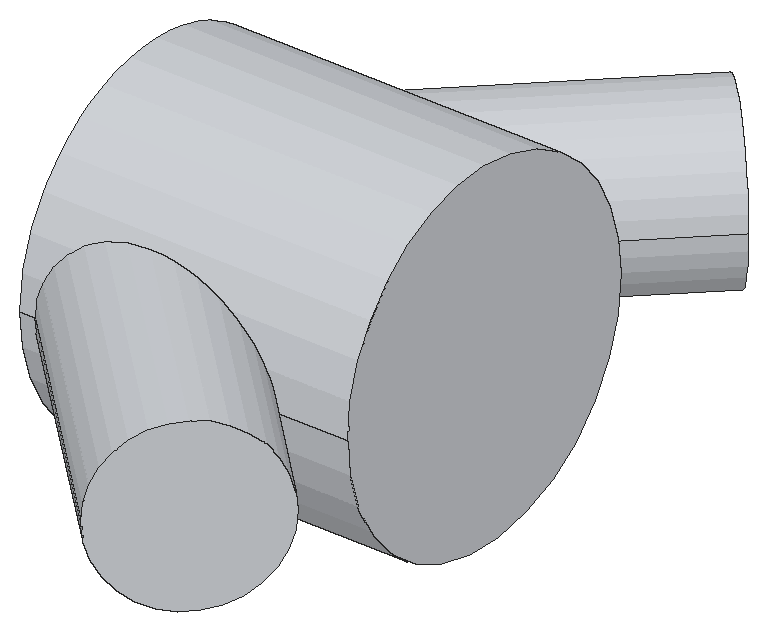
Revit family "M_Duplo Y redondo", category Conexões de duto, Revit 2019
Family settings
  Cota do conector redondo = Usar raio
  Tipo de parte = Ipsílon
  Número OmniClass = 23.75.70.14
  Título OmniClass = Air Ductwork
  ID de item do Seek = Round Double Wye-0000-CAN-ENU
  Com base no plano de trabalho = Não
  Sempre na vertical = Sim
  Corte com vazios quando carregada = Não
  Compartilhado = Não
Parameters (values of type "Padrão")
  Comprimento total do duto [instance] = if(Ângulo 3 < 90.00°, Comprimento do duto 1 * 2, if(Anteparo do duto 3 > Anteparo do duto 4, Comprimento do duto 1 + 25 mm + Anteparo do duto 3, Comprimento do duto 1 + 25 mm + Anteparo do duto 4))  # 1274.264 mm
  Anteparo do duto 4 [instance] = if(Ângulo 3 < 90.00°, Raio do duto 4 / sin(Ângulo 4) - Raio do duto 1 * (1 / tan(Ângulo 4)), Raio do duto 4 / sin(Ângulo 4) - Raio do duto 1 * (1 / tan(180.00° - Ângulo 4)))  # -87.868 mm
  Anteparo do duto 3 [instance] = if(Ângulo 3 < 90.00°, Raio do duto 3 / sin(Ângulo 3) - Raio do duto 1 * (1 / tan(Ângulo 3)), Raio do duto 3 / sin(Ângulo 3) - Raio do duto 1 * (1 / tan(180.00° - Ângulo 3)))  # -87.868 mm
  Anteparo do duto 2 [instance] = if(Ângulo 4 < 90.00°, Raio do duto 1 * (1 / tan(Ângulo 4)) + Raio do duto 4 / sin(Ângulo 4), Raio do duto 1 * (1 / tan(180.00° - Ângulo 4)) + Raio do duto 4 / sin(Ângulo 4))  # 512.132 mm
  Anteparo do duto 1 [instance] = if(Ângulo 3 < 90.00°, Raio do duto 1 * (1 / tan(Ângulo 3)) + Raio do duto 3 / sin(Ângulo 3), Raio do duto 1 * (1 / tan(180.00° - Ângulo 3)) + Raio do duto 3 / sin(Ângulo 3))  # 512.132 mm
  Raio do duto 4 [instance] = 150 mm
  Raio do duto 3 [instance] = 150 mm
  Raio do duto 1 [instance] = 300 mm
  Comprimento do duto 4 [instance] = Raio do duto 1 / sin(Ângulo 4) * 2  # 848.528 mm
  Comprimento do duto 3 [instance] = Raio do duto 1 / sin(Ângulo 3) * 2  # 848.528 mm
  Comprimento do duto 2 [instance] = if(Anteparo do duto 3 > Anteparo do duto 4, Comprimento do duto 1 + 25 mm + Anteparo do duto 3, Comprimento do duto 1 + 25 mm + Anteparo do duto 4)  # 574.264 mm
  Comprimento do duto 1 [instance] = if(Anteparo do duto 1 > Anteparo do duto 2, Anteparo do duto 1 + 125 mm, Anteparo do duto 2 + 125 mm)  # 637.132 mm
  Ângulo 4 [instance] = 45.00°
  Ângulo 3 [instance] = 45.00°
Reference planes
  plane 1 "Centro (Frente/Trás)": y = 0
  plane 2: z = 0
  plane 3 "Centro (Esquerda/Direita)": x = 0
  plane 4: x = 62.868
  plane 5: x = 637.132
  plane 6: x = -637.132
  plane 7: x = 1329.078
Forms (mm)
  Sweep 1, solid, detail levels medium+fine
    path in 3D
      loop
        line (0, 0, 0) -> (600, 600, 0)
    profile origin (300, 300, 0) x (-0.707107, 0.707107, 0) y (0, 0, 1)
      loop
        circle (0, 0) r 150
  Sweep 2, solid, detail levels medium+fine
    path in 3D
      loop
        line (0, 0, 0) -> (600, -600, 0)
    profile origin (300, -300, 0) x (0.707107, 0.707107, 0) y (0, 0, 1)
      loop
        circle (0, 0) r 150
  Sweep 3, void
    path in 3D
      loop
        line (-637.132, 0, 0) -> (1329.078, 0, 0)
    profile origin (345.973, 0, 0) x (0, 1, 0) y (0, 0, 1)
      loop
        circle (0, 0) r 300
  Sweep 4, solid, detail levels medium+fine
    path in 3D
      loop
        line (62.868, 0, 0) -> (637.132, 0, 0)
    profile origin (350, 0, 0) x (0, 1, 0) y (0, 0, 1)
      loop
        circle (0, 0) r 300
Cuts and joins
  Sweep 3 cuts Sweep 1
  Sweep 3 cuts Sweep 2
  joined: Sweep 1, Sweep 2, Sweep 4
Lines and regions (mm)
  model lines, detail levels coarse
    curve 1: line (0, 0, 0) -> (600, 600, 0)
    curve 2: line (0, 0, 0) -> (600, -600, 0)
    curve 3: line (62.868, 0, 0) -> (637.132, 0, 0)
  reference lines
    curve 4: line (-637.132, 0, 0) -> (1329.078, 0, 0)
  sketch lines
    curve 5: line (0, 0, 0) -> (600, 600, 0)
    curve 6: line (0, 0, 0) -> (600, -600, 0)
    curve 7: line (-637.132, 0, 0) -> (1329.078, 0, 0)
    curve 8: line (62.868, 0, 0) -> (637.132, 0, 0)
Dimensions and locks
  "Comprimento do duto 3": curve 1 to curve 1
  "Comprimento do duto 4": curve 2 to curve 2
  "Comprimento do duto 2": plane 4 to plane 5
  "Comprimento do duto 1": plane 6 to plane 3 "Centro (Esquerda/Direita)"
  "Comprimento total do duto": plane 6 to plane 5
  plane 3 "Centro (Esquerda/Direita)" to plane 7 = 1329.078 mm
  "Raio do duto 3": radius of Sweep 1 sketch curve
  "Raio do duto 4": radius of Sweep 2 sketch curve
  "Raio do duto 1": radius of Sweep 3 sketch curve
  "Raio do duto 1": radius of Sweep 4 sketch curve
  "Ângulo 3": angle curve 3 to curve 1
  "Ângulo 4": angle curve 2 to curve 3
  aligned and locked: plane 4 to curve 3
  aligned and locked: plane 5 to curve 3
  aligned and locked: plane 1 "Centro (Frente/Trás)" to curve 3
  aligned and locked: plane 7 to curve 4
  aligned and locked: plane 6 to curve 4
  aligned and locked: plane 1 "Centro (Frente/Trás)" to curve 4
Automatic sketch dimensions
  curve 2 to plane 1 "Centro (Frente/Trás)" = 0 mm
  curve 2 to plane 3 "Centro (Esquerda/Direita)" = 0 mm
  Sweep 1 sketch curve to profile plane = 0 mm  (x2)
  Sweep 2 sketch curve to profile plane = 0 mm  (x2)
  Sweep 3 sketch curve to profile plane = 0 mm  (x2)
  Sweep 4 sketch curve to profile plane = 0 mm  (x2)
Connectors
  hvac at (62.868, 0, 0), driven by "Raio do duto 1"
    settings: on cut or joined group of Sweep 1, Sweep 2, Sweep 3, Sweep 4, index 1, duct flow 0.0 L/s, flow factor 0, pres drop 0.0 Pa, loss coef 0, conn angle 0.00°, conn width 304.8 mm, conn height 304.8 mm, conn diameter 600 mm, duct sys type 28, conn prof type 0, flow config 0, flow direction 0, loss method 0, conn ref index 2, conn util no, is conn primary yes, conn desc ""
  hvac at (637.132, 0, 0), driven by "Raio do duto 1"
    settings: on cut or joined group of Sweep 1, Sweep 2, Sweep 3, Sweep 4, index 2, duct flow 0.0 L/s, flow factor 0, pres drop 0.0 Pa, loss coef 0, conn angle 0.00°, conn width 304.8 mm, conn height 304.8 mm, conn diameter 600 mm, duct sys type 28, conn prof type 0, flow config 0, flow direction 0, loss method 0, conn ref index 1, conn util no, is conn primary no, conn desc ""
  hvac at (600, 600, 0), driven by "Raio do duto 3", driven by "Ângulo 3"
    settings: on cut or joined group of Sweep 1, Sweep 2, Sweep 3, Sweep 4, index 3, duct flow 0.0 L/s, flow factor 0, pres drop 0.0 Pa, loss coef 0, conn angle 45.00°, conn width 304.8 mm, conn height 304.8 mm, conn diameter 300 mm, duct sys type 28, conn prof type 0, flow config 0, flow direction 0, loss method 0, conn ref index -1, conn util no, is conn primary no, conn desc ""
  hvac at (600, -600, 0), driven by "Ângulo 4", driven by "Raio do duto 4"
    settings: on cut or joined group of Sweep 1, Sweep 2, Sweep 3, Sweep 4, index 4, duct flow 0.0 L/s, flow factor 0, pres drop 0.0 Pa, loss coef 0, conn angle 45.00°, conn width 304.8 mm, conn height 304.8 mm, conn diameter 300 mm, duct sys type 28, conn prof type 0, flow config 0, flow direction 0, loss method 0, conn ref index -1, conn util no, is conn primary no, conn desc ""
